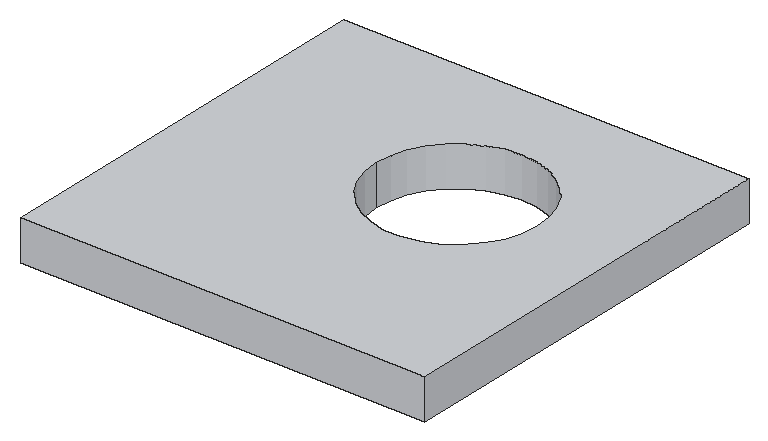
Revit family "Cutting_solution", category Generic Models, Revit 2021
Family settings
  Can host rebar = No
  Round Connector Dimension = Use Diameter
  Part Type = Normal
  Work Plane-Based = No
  Always vertical = Yes
  Cut with Voids When Loaded = Yes
  Shared = No
  Room Calculation Point = No
Parameters
  Default Elevation = 0 mm
Reference planes
  plane 1 "中心(正面/背面)": y = 0
  plane 2: z = 0
  plane 3 "中心(左/右)": x = 0
Dimensions and locks
  aligned and locked: level to plane 2
Nested families
  nested 1: "Plate" at (0, 0, 0), type "Plate"
  nested 2: "Void_face_based" at (100, 100, 100), type "Void_face_based"
Definition of nested family "Plate"
  Parameters
    Default Elevation = 0 mm
  Reference planes
    plane 1 "中心(正面/背面)": y = 0
    plane 2: z = 0
    plane 3 "中心(左/右)": x = 0
  Forms (mm)
    Extrusion 1, solid
      sketch origin (-500, -207.611, 0) x (1, 0, 0) y (0, 1, 0)
        loop
          line (0, -292.389) -> (1000, -292.389) -> (1000, 707.611) -> (0, 707.611) -> (0, -292.389)
      from 0 to 100
  Dimensions and locks
    level to Extrusion 1 = 100 mm
    aligned and locked: level to plane 2
